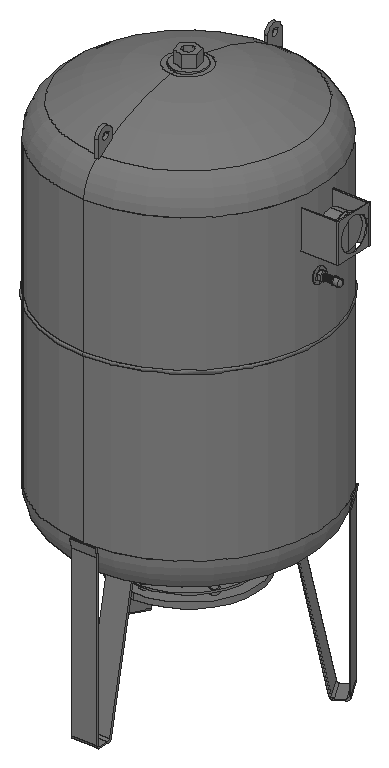
Revit family "MIT-200-ET (Vertical)", category Specialty Equipment, Revit 2022
Family settings
  Round Connector Dimension = Use Diameter
  Part Type = Normal
  Work Plane-Based = No
  Always vertical = Yes
  Cut with Voids When Loaded = No
  Maintain Annotation Orientation = No
  Shared = No
  Room Calculation Point = No
Parameters
  URL = "https://en.ekinendustriyel.com/expansion-tanks"
  Test Pressure = 15.0 bar
  Production Standard = "TS EN 13831"
  Precharge Pressure = 4.0 bar
  Operating Pressure = 10.0 bar
  Model = "MIT-200-ET_(Vertical)"
  Manufacturer = "Ekin Endüstriyel"
  Keynote = "Expension Tank"
  Description = "MIT-Expension Tank"
  Default Elevation = 0 mm
Reference planes
  plane 1 "Center (Front/Back)": y = 0
  plane 2: z = 0
  plane 3 "Center (Left/Right)": x = 0
Forms (mm)
  Revolve 1, solid, material "Ekin Endustriyel-S235JR", detail levels medium+fine
    sketch origin (0, -7210, 0) x (0, 1, 0) y (0, 0, 1)
      loop
        line (7210, 1078.739) -> (7210, 1076.914) -> (7251.009, 1076.914)
        arc (7251.009, 1076.914) -> (7343.087, 1055.2) -> (7427.615, 1012.716) r 405
        arc (7427.615, 1012.716) -> (7452.241, 986.362) -> (7462.154, 951.682) r 76.963
        line (7462.154, 951.682) -> (7462.154, 342.756)
        arc (7462.154, 342.756) -> (7451.395, 312.461) -> (7429.081, 289.318) r 76.055
        arc (7429.081, 289.318) -> (7374.901, 258.901) -> (7316.604, 237.402) r 393.047
        arc (7316.604, 237.402) -> (7305.649, 229.365) -> (7293.783, 222.748) r 109.367
        line (7293.783, 222.748) -> (7210, 222.748) -> (7210, 220.891) -> (7294.367, 220.891)
        arc (7294.367, 220.891) -> (7306.999, 227.71) -> (7318.642, 236.108) r 110.567
        arc (7318.642, 236.108) -> (7376.212, 257.56) -> (7429.75, 287.696) r 394.247
        arc (7429.75, 287.696) -> (7454.887, 315.499) -> (7463.979, 351.861) r 77.255
        line (7463.979, 351.861) -> (7463.979, 679.796)
        arc (7463.979, 679.796) -> (7466.983, 682.796) -> (7463.979, 685.796) r 3
        line (7463.979, 685.796) -> (7463.979, 952.333)
        arc (7463.979, 952.333) -> (7453.859, 987.668) -> (7428.706, 1014.471) r 78.163
        arc (7428.706, 1014.471) -> (7343.942, 1056.896) -> (7251.704, 1078.739) r 410.347
        line (7251.704, 1078.739) -> (7210, 1078.739)
      axis (7210, 220.891) -> (7210, 1078.739)
    angle from 0 to 360
  Extrusion 2, solid, material "Ekin Endustriyel-S235JR", detail levels coarse
    sketch origin (169.764, -2184.642, 218.125) x (1, 0, 0) y (0, 1, 0)
      loop
        circle (-169.764, 2184.642) r 132.589
    from -17.666 to -6.492
  Revolve 3, solid, material "Ekin Endustriyel-S235JR", detail levels fine
    sketch origin (1890, -0.033, 151.465) x (1, 0, 0) y (0, 0, 1)
      loop
        line (-1909.79, 0.978) -> (-1909.79, 48.994) -> (-1914.88, 48.994)
        arc (-1914.88, 48.994) -> (-1914.19, 48.569) -> (-1914.039, 47.772) r 1.003
        line (-1914.039, 47.772) -> (-1912.923, 46.866) -> (-1914.149, 45.87) -> (-1912.923, 44.873) -> (-1914.149, 43.877) -> (-1912.923, 42.881) -> (-1914.149, 41.885) -> (-1912.923, 40.888) -> (-1914.149, 39.892) -> (-1912.923, 38.896) -> (-1914.149, 37.9) -> (-1912.923, 36.904) -> (-1914.149, 35.907) -> (-1912.923, 34.911) -> (-1914.149, 33.915) -> (-1912.923, 32.919) -> (-1914.149, 31.923) -> (-1912.923, 30.926) -> (-1914.149, 29.93) -> (-1912.923, 28.934) -> (-1914.149, 27.938) -> (-1912.923, 26.941) -> (-1914.149, 25.945) -> (-1912.923, 24.949) -> (-1914.149, 23.953) -> (-1912.923, 22.957) -> (-1914.149, 21.96) -> (-1912.923, 20.964) -> (-1914.149, 19.968) -> (-1912.923, 18.972) -> (-1914.149, 17.975) -> (-1912.923, 16.979) -> (-1914.149, 15.983) -> (-1912.923, 14.987) -> (-1914.149, 13.991) -> (-1912.923, 12.994) -> (-1914.149, 11.998) -> (-1912.923, 11.002) -> (-1914.149, 10.006) -> (-1912.923, 9.009) -> (-1914.149, 8.013) -> (-1912.923, 7.017) -> (-1914.149, 6.021) -> (-1912.923, 5.025) -> (-1914.149, 4.028) -> (-1912.923, 3.032) -> (-1914.149, 2.036) -> (-1912.847, 0.978) -> (-1909.79, 0.978)
      axis (-1890, 48.994) -> (-1890, 0.978)
    angle from 0 to 360
  Extrusion 4, solid, material "Ekin Endustriyel-S235JR", detail levels fine
    sketch origin (169.764, -2184.642, 249.125) x (0, 1, 0) y (1, 0, 0)
      loop
        line (2302.789, -165.684) -> (2294.207, -158.979) -> (2284.109, -163.059) -> (2282.593, -173.844) -> (2291.175, -180.549) -> (2301.273, -176.47) -> (2302.789, -165.684)
      loop
        line (2247.249, -270.043) -> (2248.765, -259.257) -> (2240.182, -252.552) -> (2230.084, -256.632) -> (2228.569, -267.417) -> (2237.151, -274.122) -> (2247.249, -270.043)
      loop
        line (2129.102, -274.122) -> (2139.2, -270.043) -> (2140.716, -259.257) -> (2132.134, -252.552) -> (2122.036, -256.632) -> (2120.52, -267.417) -> (2129.102, -274.122)
      loop
        line (2066.495, -173.844) -> (2075.078, -180.549) -> (2085.176, -176.47) -> (2086.692, -165.684) -> (2078.109, -158.979) -> (2068.011, -163.059) -> (2066.495, -173.844)
      loop
        line (2247.249, -69.486) -> (2237.151, -65.406) -> (2228.569, -72.111) -> (2230.084, -82.897) -> (2240.182, -86.976) -> (2248.765, -80.271) -> (2247.249, -69.486)
      loop
        line (2129.102, -65.406) -> (2120.52, -72.111) -> (2122.036, -82.897) -> (2132.134, -86.976) -> (2140.716, -80.271) -> (2139.2, -69.486) -> (2129.102, -65.406)
    from 48.666 to 56.184
  Extrusion 5, solid, material "Ekin Endustriyel-S235JR", detail levels fine
    sketch origin (169.764, -2184.642, 211.633) x (1, 0, 0) y (0, 1, 0)
      loop
        circle (-169.764, 2292.917) r 8.121
      loop
        circle (-263.533, 2238.78) r 8.121
      loop
        circle (-263.533, 2130.505) r 8.121
      loop
        circle (-169.764, 2076.368) r 8.121
      loop
        circle (-75.996, 2130.505) r 8.121
      loop
        circle (-75.996, 2238.78) r 8.121
    from 9.258 to -11.174
  Extrusion 6, solid, material "Ekin Endustriyel-S235JR", detail levels medium
    sketch origin (1330, -1405.39, 182.465) x (0, 1, 0) y (1, 0, 0)
      loop
        circle (1405.357, -1330) r 24.88
      loop
        circle (1405.357, -1330) r 19.79
    from 30.022 to -17.994
  Extrusion 7, solid, material "Ekin Endustriyel-S235JR", detail levels coarse
    sketch origin (1330, -1405.39, 182.465) x (0, 1, 0) y (1, 0, 0)
      loop
        arc (1380.477, -1330) -> (1392.716, -1351.43) -> (1417.393, -1351.776) r 24.88
        arc (1417.393, -1351.776) -> (1417.998, -1308.57) -> (1380.477, -1330) r 24.88
    from -17.994 to 30.022
  Extrusion 8, solid, material "Ekin Endustriyel-S235JR", detail levels medium+fine
    sketch origin (169.764, -2989.642, 249.125) x (0, 1, 0) y (1, 0, 0)
      loop
        circle (2989.642, -169.764) r 132.589
      loop
        circle (2881.407, -169.764) r 8.118
      loop
        circle (2935.524, -76.03) r 8.118
      loop
        circle (3043.76, -76.03) r 8.118
      loop
        circle (3097.878, -169.764) r 8.118
      loop
        circle (3043.76, -263.499) r 8.118
      loop
        circle (2935.524, -263.499) r 8.118
    from 48.666 to 37.492
  Extrusion 9, solid, material "Ekin Endustriyel-S235JR", detail levels coarse
    sketch origin (2610, -7185, 42.174) x (0, 1, 0) y (-1, 0, 0)
      loop
        circle (7185, 2610) r 257
    from 178.717 to 1036.565
  Extrusion 10, solid, material "Ekin Endustriyel-S235JR", detail levels fine
    sketch origin (0.852, -4140, 0) x (0, 1, 0) y (0, 0, 1)
      loop
        line (4363, 1011.59) -> (4363, 1044.609)
        arc (4363, 1044.609) -> (4346.5, 1061.109) -> (4330, 1044.609) r 16.5
        line (4330, 1044.609) -> (4330, 1031.654)
        arc (4330, 1031.654) -> (4346.738, 1022.015) -> (4363, 1011.59) r 406.382
      loop
        circle (4346.5, 1044.609) r 8
      loop
        arc (3917, 1011.59) -> (3933.262, 1022.015) -> (3950, 1031.654) r 406.382
        line (3950, 1031.654) -> (3950, 1044.609)
        arc (3950, 1044.609) -> (3933.5, 1061.109) -> (3917, 1044.609) r 16.5
        line (3917, 1044.609) -> (3917, 1011.59)
      loop
        circle (3933.5, 1044.609) r 8
    from -4.352 to 2.648
  Extrusion 11, solid, material "Ekin Endustriyel-S235JR", detail levels medium+fine
    sketch origin (3869.844, -4745.729, 1081.564) x (0, 1, 0) y (-1, 0, 0)
      loop
        circle (4745.469, 3869.844) r 11
      loop
        line (4730.56, 3886.032) -> (4723.995, 3865.027) -> (4738.903, 3848.838) -> (4760.377, 3853.655) -> (4766.943, 3874.661) -> (4752.034, 3890.849) -> (4730.56, 3886.032)
    from 0.181 to 23
  Extrusion 12, solid, material "Ekin Endustriyel-S235JR", detail levels coarse
    sketch origin (3869.844, -4745.729, 1081.564) x (0, 1, 0) y (-1, 0, 0)
      loop
        line (4730.56, 3886.032) -> (4723.995, 3865.027) -> (4738.903, 3848.838) -> (4760.377, 3853.655) -> (4766.943, 3874.661) -> (4752.034, 3890.849) -> (4730.56, 3886.032)
    from -2.819 to 23
  Extrusion 13, solid, material "Ekin Endustriyel-S235JR", detail levels medium+fine
    sketch origin (2.097, -20.931, 0) x (-0.866025, 0.5, 0) y (0, 0, 1)
      loop
        line (266.282, 334.758) -> (269.717, 352.428) -> (267.753, 352.809) -> (264.282, 334.951) -> (264.282, 7)
        arc (264.282, 7) -> (262.818, 3.464) -> (259.282, 2) r 5
        line (259.282, 2) -> (239.951, 2)
        arc (239.951, 2) -> (236.804, 3.114) -> (235.06, 5.96) r 5
        line (235.06, 5.96) -> (181.399, 258.414) -> (179.443, 257.998) -> (233.108, 5.523)
        arc (233.108, 5.523) -> (235.54, 1.554) -> (239.929, 0) r 6.973
        line (239.929, 0) -> (259.325, 0)
        arc (259.325, 0) -> (264.244, 2.038) -> (266.282, 6.957) r 6.957
        line (266.282, 6.957) -> (266.282, 334.758)
    from -7.922 to 42.078
  Extrusion 14, solid, material "Ekin Endustriyel-S235JR", detail levels medium+fine
    sketch origin (2.097, -20.931, 0) x (0, -1, 0) y (0, 0, 1)
      loop
        line (236.516, 352.454) -> (234.537, 352.838) -> (231.067, 334.989) -> (231.067, 7)
        arc (231.067, 7) -> (229.603, 3.464) -> (226.067, 2) r 5
        line (226.067, 2) -> (206.731, 2)
        arc (206.731, 2) -> (203.585, 3.114) -> (201.841, 5.96) r 5
        line (201.841, 5.96) -> (148.186, 258.384) -> (146.23, 257.968) -> (199.889, 5.523)
        arc (199.889, 5.523) -> (202.321, 1.554) -> (206.71, 0) r 6.973
        line (206.71, 0) -> (226.111, 0)
        arc (226.111, 0) -> (231.03, 2.038) -> (233.067, 6.957) r 6.957
        line (233.067, 6.957) -> (233.067, 334.713) -> (236.516, 352.454)
    from -23.363 to 26.635
  Extrusion 15, solid, material "Ekin Endustriyel-S235JR", detail levels medium+fine
    sketch origin (2.097, -20.931, 0) x (0.866025, 0.5, 0) y (0, 0, 1)
      loop
        line (266.084, 352.428) -> (264.12, 352.809) -> (260.649, 334.951) -> (260.649, 7)
        arc (260.649, 7) -> (259.185, 3.464) -> (255.649, 2) r 5
        line (255.649, 2) -> (236.318, 2)
        arc (236.318, 2) -> (233.171, 3.114) -> (231.427, 5.96) r 5
        line (231.427, 5.96) -> (177.766, 258.414) -> (175.81, 257.998) -> (229.475, 5.523)
        arc (229.475, 5.523) -> (231.908, 1.554) -> (236.296, 0) r 6.973
        line (236.296, 0) -> (255.692, 0)
        arc (255.692, 0) -> (260.612, 2.038) -> (262.649, 6.957) r 6.957
        line (262.649, 6.957) -> (262.649, 334.758) -> (266.084, 352.428)
    from -44.176 to 5.824
  Extrusion 16, solid, material "Ekin Endustriyel-S235JR", detail levels coarse
    sketch origin (2.097, -20.931, 0) x (-0.866025, 0.5, 0) y (0, 0, 1)
      loop
        line (266.282, 220.891) -> (187.33, 220.891) -> (233.108, 5.523)
        arc (233.108, 5.523) -> (235.54, 1.554) -> (239.929, 0) r 6.973
        line (239.929, 0) -> (259.325, 0)
        arc (259.325, 0) -> (264.244, 2.038) -> (266.282, 6.957) r 6.957
        line (266.282, 6.957) -> (266.282, 220.891)
    from -7.922 to 42.078
  Extrusion 17, solid, material "Ekin Endustriyel-S235JR", detail levels coarse
    sketch origin (2.097, -20.931, 0) x (0, -1, 0) y (0, 0, 1)
      loop
        line (233.067, 220.891) -> (154.111, 220.891) -> (199.889, 5.523)
        arc (199.889, 5.523) -> (202.321, 1.554) -> (206.71, 0) r 6.973
        line (206.71, 0) -> (226.111, 0)
        arc (226.111, 0) -> (231.03, 2.038) -> (233.067, 6.957) r 6.957
        line (233.067, 6.957) -> (233.067, 220.891)
    from -23.363 to 26.635
  Extrusion 18, solid, material "Ekin Endustriyel-S235JR", detail levels coarse
    sketch origin (2.097, -20.931, 0) x (0.866025, 0.5, 0) y (0, 0, 1)
      loop
        line (262.649, 220.891) -> (183.697, 220.891) -> (229.475, 5.523)
        arc (229.475, 5.523) -> (231.908, 1.554) -> (236.296, 0) r 6.973
        line (236.296, 0) -> (255.692, 0)
        arc (255.692, 0) -> (260.612, 2.038) -> (262.649, 6.957) r 6.957
        line (262.649, 6.957) -> (262.649, 220.891)
    from -44.176 to 5.824
  Extrusion 19, solid, material "Ekin Endustriyel-S235JR", detail levels medium+fine
    sketch origin (3869.844, -4745.729, 1081.564) x (0, 1, 0) y (-1, 0, 0)
      loop
        circle (4745.827, 3869.844) r 32.5
    from -2.819 to 0.181
  Extrusion 20, solid, material "Ekin Endustriyel-S235JR", detail levels coarse
    sketch origin (24.294, 0, 89.597) x (1, 0, 0) y (0, 1, 0)
      loop
        line (226.508, -39.142) -> (298.922, -39.142) -> (298.922, 39.858) -> (226.683, 39.858)
        arc (226.683, 39.858) -> (229.034, 19.99) -> (229.819, 0) r 254.819
        arc (229.819, 0) -> (228.99, -19.641) -> (226.508, -39.142) r 233
    from 767.5 to 842.5
  Extrusion 21, solid, material "Ekin Endustriyel-S235JR", detail levels medium+fine
    sketch origin (24.294, 0, 89.597) x (1, 0, 0) y (0, 1, 0)
      loop
        line (296.322, 39.858) -> (226.683, 39.858)
        arc (226.683, 39.858) -> (226.839, 38.858) -> (226.992, 37.858) r 254.819
        line (226.992, 37.858) -> (296.322, 37.858)
        arc (296.322, 37.858) -> (296.747, 37.682) -> (296.922, 37.258) r 0.6
        line (296.922, 37.258) -> (296.922, -36.542)
        arc (296.922, -36.542) -> (296.747, -36.967) -> (296.322, -37.142) r 0.6
        line (296.322, -37.142) -> (227.098, -37.142)
        arc (227.098, -37.142) -> (226.949, -38.143) -> (226.795, -39.142) r 254.819
        line (226.795, -39.142) -> (296.322, -39.142)
        arc (296.322, -39.142) -> (298.161, -38.381) -> (298.922, -36.542) r 2.6
        line (298.922, -36.542) -> (298.922, 37.258)
        arc (298.922, 37.258) -> (298.161, 39.096) -> (296.322, 39.858) r 2.6
    from 767.5 to 842.5
  Extrusion 22, void
    sketch origin (323.217, -36.542, 89.597) x (0, 1, 0) y (0, 0, 1)
      loop
        circle (36.9, 805) r 32.5
    from -2 to 0
  Revolve 23, solid, material "Ekin Endustriyel-S235JR", detail levels fine
    sketch origin (24.294, 0, 89.597) x (1, 0, 0) y (0, 0, 1)
      loop
        line (230, 811.5) -> (230, 805) -> (288.499, 805) -> (288.499, 837.415) -> (283.499, 837.415) -> (283.499, 835.016) -> (279.483, 835.016)
        arc (279.483, 835.016) -> (278.774, 834.723) -> (278.48, 834.013) r 1.003
        line (278.48, 834.013) -> (253.48, 834.013) -> (253.48, 815.002) -> (252.5, 815.002)
        arc (252.5, 815.002) -> (252.139, 814.657) -> (252, 814.178) r 0.964
        line (252, 814.178) -> (252, 812.305) -> (245, 812.305) -> (245, 811.5) -> (230, 811.5)
      axis (230, 805) -> (288.499, 805)
    angle from 0 to 360
  Revolve 24, solid, material "Ekin Endustriyel-S235JR", detail levels fine
    sketch origin (24.04, 0, -5.587) x (1, 0, 0) y (0, 0, 1)
      loop
        line (229.96, 805) -> (275.561, 805)
        arc (275.561, 805) -> (274.758, 808.458) -> (272.513, 811.208) r 7.847
        line (272.513, 811.208) -> (261.504, 811.208) -> (261.504, 812.005) -> (260.479, 812.005) -> (260.479, 810.108) -> (259.639, 809.269) -> (258.962, 809.946) -> (258.285, 809.269) -> (257.608, 809.946) -> (256.931, 809.269) -> (256.254, 809.946) -> (255.577, 809.269) -> (254.899, 809.946) -> (254.222, 809.269) -> (253.545, 809.946) -> (252.868, 809.269) -> (252.191, 809.946) -> (251.514, 809.269) -> (250.837, 809.946) -> (250.16, 809.269) -> (249.483, 809.946) -> (248.806, 809.269) -> (248.128, 809.946) -> (247.451, 809.269) -> (246.774, 809.946) -> (246.097, 809.269) -> (245.42, 809.946) -> (244.743, 809.269) -> (244.066, 809.946) -> (243.389, 809.269) -> (242.712, 809.946) -> (242.035, 809.269) -> (241.357, 809.946) -> (240.68, 809.269) -> (240.003, 809.946) -> (239.326, 809.269) -> (238.649, 809.946) -> (237.972, 809.269) -> (237.295, 809.946) -> (236.618, 809.269) -> (235.941, 809.946) -> (235.264, 809.269) -> (234.586, 809.946) -> (233.909, 809.269) -> (233.232, 809.946) -> (232.555, 809.269) -> (232.001, 809.823) -> (232.001, 814.435) -> (232.001, 819.99) -> (229.96, 819.99) -> (229.96, 805)
      axis (229.96, 805) -> (275.561, 805)
    angle from 0 to 360
  Extrusion 25, solid, material "Ekin Endustriyel-S235JR", detail levels fine
    sketch origin (24.04, 0, 76.21) x (0, 1, 0) y (0, 0, 1)
      loop
        line (0.348, 732.628) -> (-7.805, 727.921) -> (-7.805, 718.507) -> (0.348, 713.8) -> (8.5, 718.507) -> (8.5, 727.921) -> (0.348, 732.628)
    from 232.001 to 240.003
  Extrusion 26, solid, material "Ekin Endustriyel-S235JR", detail levels coarse
    sketch origin (169.764, -2184.642, 234.067) x (1, 0, 0) y (0, 1, 0)
      loop
        circle (-169.764, 2184.642) r 120
    from -16.114 to -13.176
  Extrusion 27, solid, material "Ekin Endustriyel-S235JR", detail levels medium+fine
    sketch origin (169.764, -2989.642, 265.067) x (0, 1, 0) y (1, 0, 0)
      loop
        circle (2989.642, -169.764) r 120
      loop
        circle (2881.407, -169.764) r 8.118
      loop
        circle (2935.524, -76.03) r 8.118
      loop
        circle (3043.76, -76.03) r 8.118
      loop
        circle (3097.878, -169.764) r 8.118
      loop
        circle (3043.76, -263.499) r 8.118
      loop
        circle (2935.524, -263.499) r 8.118
    from 47.114 to 44.176
Cuts and joins
  joined: Extrusion 4, Extrusion 5
  Extrusion 22 cuts Extrusion 21
Dimensions and locks
  aligned and locked: level to plane 2
Connectors
  piping at (0, -0.033, 152.443), diameter 25.4
    settings: on Extrusion 6, index 1, connector inside diameter 609.6 mm, connector length 0 mm, flow factor 0, pipe flow 0.0 L/s, pressure drop 0.0 Pa, fitting loss kfactor 0, connector angle 0.00°, fixture units 0, engagement length 0 mm, angle of deflection 0.00°, flow configuration 0, flow direction 0, fitting loss method 0, system type 7, joint type 0, gender type 0, connector reference index -1, connector utility 0, adjustable connector no, is connector primary yes, connector description ""
